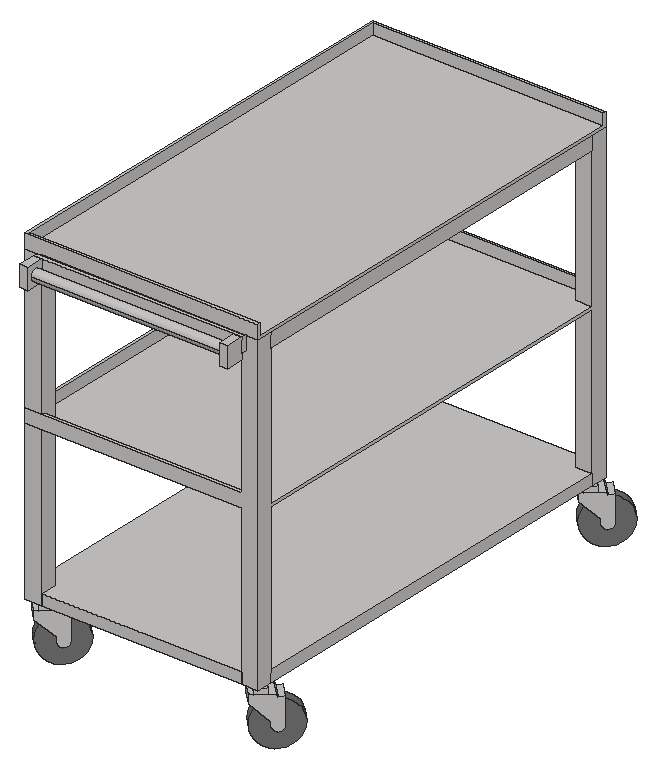
Revit family "QF_Vollrath_97140", category Specialty Equipment, Revit 2016
Family settings
  Part Type = Normal
  Round Connector Dimension = Use Diameter
  OmniClass Number = 23.40.40.14.17
  OmniClass Title = Food Cooking Equipment
  Work Plane-Based = No
  Always vertical = Yes
  Cut with Voids When Loaded = No
  Shared = No
  Room Calculation Point = No
Parameters (values of type "97140")
  Width [instance] = 21.06"
  Weight in Pounds = 83.62
  Watermarked By = "http://revitwatermark.com"
  URL Cutsheet = ""
  URL = ""
  Status [instance] = ""
  Specification by User [instance] = ""
  Specification by Manufacturer [instance] = ""
  Serial Number [instance] = ""
  Seismic Rating [instance] = ""
  Revision Code [instance] = ""
  NAFEM Spec ID Number [instance] = ""
  Model = "97140"
  Masterspec = ""
  Manufacturer = "Vollrath"
  Item Number [instance] = "-"
  Installed By [instance] = ""
  Identify Quantity as Lot [instance] = no
  Furnished By [instance] = ""
  Foodservice Equipment Identifier [instance] = yes
  Description = "Cart, Utility"
  Depth [instance] = 39.25"
  CSI MasterFormat = "11 48 13"
  Assembly Code = "E1090320"
Reference planes (in)
  plane 1 "BACK": y = -4.62
  plane 2: z = 0
  plane 3 "LEFT": x = 0
  plane 4 "RIGHT": x = 21.06
  plane 5 "--": y = -43.87
  plane 6: z = 5.15
  plane 7: z = 6.15
  plane 8: x = 1.5
  plane 9: y = -6.12
  plane 10: x = 19.56
  plane 11: y = -42.37
  plane 12: y = -24.245
  plane 13 "TOP": z = 34.77
  plane 14: x = 0.75
  plane 15 "FRONT": y = -45.84
  plane 16: z = 19.39
  plane 17: z = 20.64
  plane 18: x = 10.53
Forms (in)
  Extrusion 1, solid, material "QF_Finishes_Stainless Steel"
    sketch origin (0, 0, 17.9) x (-1, 0, 0) y (0, -1, 0)
      loop
        line (-1.5, 4.62) -> (-1.5, 6.12) -> (0, 6.12) -> (0, 42.37) -> (-1.5, 42.37) -> (-1.5, 43.87) -> (-19.56, 43.87) -> (-19.56, 42.37) -> (-21.06, 42.37) -> (-21.06, 6.12) -> (-19.56, 6.12) -> (-19.56, 4.62) -> (-1.5, 4.62)
    from -12.75 to -11.75
  Extrusion 2, solid, material "QF_Finishes_Stainless Steel"
    sketch origin (0, 0, 28.51) x (-1, 0, 0) y (0, -1, 0)
      loop
        line (-1.5, 43.87) -> (-19.56, 43.87) -> (-19.56, 42.37) -> (-21.06, 42.37) -> (-21.06, 6.12) -> (-19.56, 6.12) -> (-19.56, 4.62) -> (-1.5, 4.62) -> (-1.5, 6.12) -> (0, 6.12) -> (0, 42.37) -> (-1.5, 42.37) -> (-1.5, 43.87)
    from 3.76 to 5.01
  Sweep 3, solid, material "QF_Finishes_Stainless Steel"
    path origin (0, 0, 0) x (1, 0, 0) y (0, 1, 0)
      loop
        line (21.06, -43.87) -> (0, -43.87) -> (0, -4.62) -> (21.06, -4.62)
    profile origin (10.53, -4.62, 0) x (0, 1, 0) y (0, 0, 1)
      loop
        line (-2, 33.52) -> (0, 33.52) -> (0, 34.77) -> (-0.25, 34.77) -> (-0.25, 33.77) -> (-2, 33.77) -> (-2, 33.52)
  Extrusion 4, solid, material "QF_Finishes_Stainless Steel"
    sketch origin (0, 0, 18.89) x (-1, 0, 0) y (0, -1, 0)
      loop
        line (-1.5, 6.12) -> (-1.5, 42.37) -> (-21.06, 42.37) -> (-21.06, 6.12) -> (-1.5, 6.12)
    from 14.63 to 14.88
  Extrusion 5, solid, material "QF_Finishes_Stainless Steel"
    sketch origin (14, 0, 16.75) x (-1, 0, 0) y (0, -1, 0)
      loop
        line (-5.56, 4.62) -> (-5.56, 6.12) -> (-7.06, 6.12) -> (-7.06, 4.62) -> (-5.56, 4.62)
    from -11.6 to 16.77
  Extrusion 6, solid, material "QF_Finishes_Stainless Steel"
    sketch origin (0, -26.05109, 16.75) x (-1, 0, 0) y (0, -1, 0)
      loop
        line (0, 16.31) -> (0, 17.81) -> (-1.5, 17.81) -> (-1.5, 16.31) -> (0, 16.31)
    from -11.6 to 16.77
  Extrusion 7, solid, material "QF_Finishes_Stainless Steel"
    sketch origin (14, -26.06, 16.5) x (-1, 0, 0) y (0, -1, 0)
      loop
        line (-5.56, 16.31) -> (-5.56, 17.81) -> (-7.06, 17.81) -> (-7.06, 16.31) -> (-5.56, 16.31)
    from -11.35 to 17.02
  Sweep 8, solid, material "QF_Finishes_Stainless Steel"
    path origin (0, 0, -11.99) x (1, 0, 0) y (0, 1, 0)
      loop
        line (21.06, -43.87) -> (0, -43.87) -> (0, -4.62) -> (21.06, -4.62)
    profile origin (10.53, -4.62, -11.99) x (0, 1, 0) y (0, 0, 1)
      loop
        line (-2, 31.38) -> (0, 31.38) -> (0, 32.63) -> (-0.25, 32.63) -> (-0.25, 31.63) -> (-2, 31.63) -> (-2, 31.38)
  Extrusion 9, solid, material "QF_Finishes_Stainless Steel"
    sketch origin (0, 0, 17.89) x (-1, 0, 0) y (0, -1, 0)
      loop
        line (-0.25, 4.87) -> (-0.25, 43.62) -> (-21.06, 43.62) -> (-21.06, 4.87) -> (-0.25, 4.87)
    from 1.75 to 1.5
  Extrusion 10, solid, material "QF_Finishes_Stainless Steel"
    sketch origin (0, 0, 16.75) x (-1, 0, 0) y (0, -1, 0)
      loop
        line (0, 4.62) -> (0, 6.12) -> (-1.5, 6.12) -> (-1.5, 4.62) -> (0, 4.62)
    from -11.6 to 16.77
  Extrusion 11, solid, material "QF_Finishes_Stainless Steel"
    sketch origin (1.125, -3.38, 1.12) x (0, 1, 0) y (0, 0, 1)
      loop
        line (-40.49, 32.4) -> (-40.86962, 32.4) -> (-40.86962, 31.15) -> (-40.49, 31.15) -> (-40.49, 32.4)
    from 0 to 18.81
  Extrusion 12, solid, material "QF_Finishes_Stainless Steel"
    sketch origin (1.125, -3.38, 1.12) x (0, 1, 0) y (0, 0, 1)
      loop
        line (-40.86962, 32.4) -> (-42.46, 32.4) -> (-42.46, 30.53992) -> (-40.86962, 30.53992) -> (-40.86962, 32.4)
    from 0 to 0.75
  Extrusion 13, solid, material "QF_Finishes_Stainless Steel"
    sketch origin (19.935, -3.38, 1.12) x (0, 1, 0) y (0, 0, -1)
      loop
        line (-40.86962, -32.4) -> (-40.86962, -30.53992) -> (-42.46, -30.53992) -> (-42.46, -32.4) -> (-40.86962, -32.4)
    from 0 to 0.75
  Extrusion 14, solid, material "QF_Finishes_Stainless Steel"
    sketch origin (1.125, -3.38, 1.12) x (0, 1, 0) y (0, 0, 1)
      loop
        circle (-41.69708, 31.53019) r 0.5
    from 0.75 to 18.06
Cuts and joins
  joined: Sweep 3, Extrusion 4
  joined: Extrusion 5, Extrusion 6, Extrusion 7, Sweep 8, Extrusion 9, Extrusion 10
Lines and regions (in)
  symbolic lines
    curve 1: line (0, -4.62, 16.75) -> (0, -43.86109, 16.75)
    curve 2: line (21.06, -4.62, 16.75) -> (0, -4.62, 16.75)
    curve 3: line (0, -43.86109, 16.75) -> (1.5, -43.86109, 16.75)
    curve 4: line (19.935, -43.87, 16.75) -> (1.125, -43.87, 16.75)
    curve 5: line (19.56, -43.86109, 16.75) -> (21.06, -43.86109, 16.75)
    curve 6: line (21.06, -43.86109, 16.75) -> (21.06, -4.62, 16.75)
    curve 7: line (19.935, -45.84, 16.75) -> (19.935, -44.24962, 16.75)
    curve 8: line (19.935, -44.24962, 16.75) -> (19.935, -43.87, 16.75)
    curve 9: line (19.185, -44.24962, 16.75) -> (19.185, -45.84, 16.75)
    curve 10: line (19.185, -45.84, 16.75) -> (19.935, -45.84, 16.75)
    curve 11: line (1.125, -44.24962, 16.75) -> (19.935, -44.24962, 16.75)
    curve 12: line (1.875, -45.84, 16.75) -> (1.875, -44.24962, 16.75)
    curve 13: line (1.125, -44.24962, 16.75) -> (1.125, -45.84, 16.75)
    curve 14: line (1.125, -43.87, 16.75) -> (1.125, -44.24962, 16.75)
    curve 15: line (1.125, -45.84, 16.75) -> (1.875, -45.84, 16.75)
    curve 16: line (19.185, -45.59, 16.75) -> (1.875, -45.59, 16.75)
    curve 17: line (21.06, -4.87, 16.75) -> (0.25, -4.87, 16.75)
    curve 18: line (0.25, -4.87, 16.75) -> (0.25, -43.62, 16.75)
    curve 19: line (0.25, -43.62, 16.75) -> (21.06, -43.62, 16.75)
    curve 20: line (1.875, -44.49962, 16.75) -> (19.185, -44.49962, 16.75)
Dimensions and locks (in)
  "Width": plane 3 "LEFT" to plane 4 "RIGHT"
  plane 9 to plane 1 "BACK" = 1.50"
  locked: plane 5 "--" to plane 11 at 1.5
  plane 3 "LEFT" to plane 8 = 1.50"
  locked: plane 10 to plane 4 "RIGHT" at 1.5
  plane 13 "TOP" to level = 34.77"
  equal spacing: plane 1 "BACK", plane 12, plane 5 "--"
  locked: plane 7 to plane 6 at 1
  locked: plane 17 to plane 16 at 1.25
  plane 16 to plane 7 = 13.24"
  equal spacing: plane 4 "RIGHT", plane 18, plane 3 "LEFT"
  plane 15 "FRONT" to plane 12 = 21.595"
  plane 15 "FRONT" to plane 1 "BACK" = 41.22"
  plane 5 "--" to plane 1 "BACK" = 39.25"
  plane 16 to level = 19.39"
  aligned and locked: level to plane 2
  aligned and locked: plane 7 to Extrusion 1
  aligned and locked: Extrusion 1 to plane 6
  aligned and locked: plane 1 "BACK" to Sweep 3 sketch curve
  aligned and locked: plane 3 "LEFT" to Sweep 3 sketch curve
  aligned and locked: Sweep 3 sketch curve to plane 5 "--"
  aligned: Extrusion 10 sketch curve to cut or joined group of Sweep 3, Extrusion 4
  aligned: cut or joined group of Sweep 3, Extrusion 4 to Extrusion 10 sketch curve
  aligned and locked: Extrusion 10 sketch curve to Extrusion 1
  aligned and locked: Extrusion 1 to Extrusion 10 sketch curve
Automatic sketch dimensions
  Extrusion 1 sketch curve to plane 4 "RIGHT" = 0.00"
  Extrusion 1 sketch curve to plane 10 = 0.00"  (x2)
  plane 1 "BACK" to Extrusion 1 sketch curve = 0.00"
  Extrusion 1 sketch curve to plane 8 = 0.00"  (x2)
  plane 5 "--" to Extrusion 1 sketch curve = 0.00"
  Extrusion 1 sketch curve to plane 3 "LEFT" = 0.00"
  plane 9 to Extrusion 1 sketch curve = 0.00"  (x2)
  plane 11 to Extrusion 1 sketch curve = 0.00"  (x2)
  Extrusion 2 sketch curve to plane 4 "RIGHT" = 0.00"
  Extrusion 2 sketch curve to plane 10 = 0.00"  (x2)
  plane 9 to Extrusion 2 sketch curve = 0.00"  (x2)
  plane 1 "BACK" to Extrusion 2 sketch curve = 0.00"
  Extrusion 2 sketch curve to plane 8 = 0.00"  (x2)
  Extrusion 2 sketch curve to plane 3 "LEFT" = 0.00"
  plane 11 to Extrusion 2 sketch curve = 0.00"  (x2)
  plane 5 "--" to Extrusion 2 sketch curve = 0.00"
  Sweep 3 sketch curve to profile plane = 0.00"
  profile plane to Sweep 3 sketch curve = 0.25"
  Sweep 3 sketch curve to Sweep 3 sketch curve = 1.75"
  level to Sweep 3 sketch curve = 33.52"
  Sweep 3 sketch curve to Sweep 3 sketch curve = 0.25"
  Sweep 3 sketch curve to Sweep 3 sketch curve = 1.00"
  Extrusion 4 sketch curve to plane 4 "RIGHT" = 0.00"
  Extrusion 4 sketch curve to plane 8 = 0.00"
  plane 9 to Extrusion 4 sketch curve = 0.00"
  plane 11 to Extrusion 4 sketch curve = 0.00"
  plane 1 "BACK" to Extrusion 5 sketch curve = 0.00"
  Extrusion 5 sketch curve to plane 4 "RIGHT" = 0.00"
  plane 9 to Extrusion 5 sketch curve = 0.00"
  Extrusion 5 sketch curve to plane 10 = 0.00"
  Extrusion 6 sketch curve to plane 8 = 0.00"
  Extrusion 6 sketch curve to plane 3 "LEFT" = 0.00"
  Extrusion 6 sketch curve to plane 11 = 0.00891"
  Extrusion 6 sketch curve to plane 5 "--" = 0.00891"
  Extrusion 7 sketch curve to plane 4 "RIGHT" = 0.00"
  Extrusion 7 sketch curve to plane 10 = 0.00"
  Extrusion 7 sketch curve to plane 11 = 0.00"
  Extrusion 7 sketch curve to plane 5 "--" = 0.00"
  Sweep 8 sketch curve to plane 3 "LEFT" = 0.00"
  Sweep 8 sketch curve to plane 4 "RIGHT" = 0.00"  (x2)
  plane 1 "BACK" to Sweep 8 sketch curve = 0.00"
  plane 5 "--" to Sweep 8 sketch curve = 0.00"
  Sweep 8 sketch curve to profile plane = 0.00"
  profile plane to Sweep 8 sketch curve = 0.25"
  Sweep 8 sketch curve to Sweep 8 sketch curve = 1.75"
  profile plane to Sweep 8 sketch curve = 31.38"
  Sweep 8 sketch curve to Sweep 8 sketch curve = 0.25"
  Sweep 8 sketch curve to Sweep 8 sketch curve = 1.00"
  Extrusion 9 sketch curve to plane 4 "RIGHT" = 0.00"
  plane 3 "LEFT" to Extrusion 9 sketch curve = 0.25"
  plane 1 "BACK" to Extrusion 9 sketch curve = 0.25"
  Extrusion 9 sketch curve to plane 5 "--" = 0.25"
  Sweep 3 sketch curve to plane 4 "RIGHT" = 0.00"  (x2)
  plane 1 "BACK" to Extrusion 10 sketch curve = 0.00"
  plane 3 "LEFT" to Extrusion 10 sketch curve = 0.00"
  Extrusion 11 sketch curve to plane 5 "--" = 0.00"
  plane 5 "--" to Extrusion 11 sketch curve = 0.37962"
  Extrusion 11 sketch curve to plane 13 "TOP" = 2.50"
  Extrusion 11 sketch curve to Extrusion 11 sketch curve = 1.25"
  Extrusion 12 sketch curve to plane 15 "FRONT" = 0.00"
  plane 5 "--" to Extrusion 12 sketch curve = 0.37962"
  Extrusion 12 sketch curve to plane 13 "TOP" = 3.11008"
  Extrusion 12 sketch curve to plane 13 "TOP" = 1.25"
  Extrusion 13 sketch curve to plane 15 "FRONT" = 0.00"
  plane 5 "--" to Extrusion 13 sketch curve = 0.37962"
  Extrusion 13 sketch curve to plane 13 "TOP" = 1.25"
  Extrusion 13 sketch curve to Extrusion 13 sketch curve = 1.86008"
  plane 15 "FRONT" to Extrusion 14 sketch curve = 0.76292"
  Extrusion 14 sketch curve to plane 13 "TOP" = 2.11981"
  plane 1 "BACK" to curve 6 = 0.00"
  plane 4 "RIGHT" to curve 6 = 0.00"
  curve 10 to plane 15 "FRONT" = 0.00"
  plane 5 "--" to curve 4 = 0.00"
  plane 10 to curve 5 = 0.00"
  curve 15 to plane 15 "FRONT" = 0.00"
  curve 3 to plane 8 = 0.00"
  curve 2 to plane 3 "LEFT" = 0.00"
  plane 10 to curve 10 = 0.375"
  curve 20 to plane 10 = 0.375"
  plane 8 to curve 16 = 0.375"
  curve 14 to plane 8 = 0.375"
  plane 3 "LEFT" to curve 17 = 0.25"
  curve 2 to curve 17 = 0.25"
  curve 19 to plane 5 "--" = 0.25"
  curve 3 to plane 5 "--" = 0.00891"
  curve 5 to plane 5 "--" = 0.00891"
  plane 5 "--" to curve 11 = 0.37962"
  curve 9 to curve 20 = 0.25"
  plane 15 "FRONT" to curve 16 = 0.25"
  radius of Extrusion 14 sketch curve = 0.50"
Nested families (in)
  nested 1: "FESCaster" at (1.25, -5.60981, 0), type "FESCaster"
    with Height 5.15", Caster Radius 2.075"
  nested 2: "FESCaster" at (20.37136, -5.60981, 0), type "FESCaster"
    with Height 5.15", Caster Radius 2.075"
  nested 3: "FESCaster" at (20.37136, -42.86977, 0), type "FESCaster"
    with Height 5.15", Caster Radius 2.075"
  nested 4: "FESCaster" at (1, -42.86977, 0), type "FESCaster"
    with Height 5.15", Caster Radius 2.075"
Definition of nested family "FESCaster"
  Parameters
    Watermarked By = "http://revitwatermark.com"
    Type Comments = "⍁⍉⌁⌀⏭⎽⌇⍠⌜⍉⎖⌥⌦⌯⍭⏊⍻⍿⍊⏵⍊⏗⏠⍴⎡⌈⎀⍠⌓⌤⏘⎐⍀⌐⏬⏁⎈⏍⏦⎒⏬⌝⍩⍇⌣〈⎫〉⎁⏊⍥⍖⍥⍝⍦⌖⍀⏌⏭⎝⎼⏷⏞⍻⏯⎽⏷⏞⍻⏯⎽⏷⎺⌻⎝⍎⌧⏷⏟⏿⌿⍜⍦⍤⌁⍬⏶⏎⍊⏚⏉⎞⌡⎀⎪⏈⌟⌿⍾⍼⌟⌿⌢⌞⏞⏝⌻⎸⎻⎷⎳⎻⎛⌞⌼⏚⍿⏸⍨⏷⍡⍺⏼⏅⎏⌽⌻⍽⎝⍮⎧⍏⏳⏲⎼⏈⏋⏙⎏⏽⏘⍹⏞⌜⏼⍴⏶⏮⏿⌁"
    Height [instance] = 6.00"
    Caster Radius [instance] = if(Height < 3.00", 1.00", (Height / 2) - 0.50")  # 2.50"
    Assembly Code = ""
  Reference planes (in)
    plane 1 "Center (Front/Back)": y = 0
    plane 2: z = 0
    plane 3 "Center (Left/Right)": x = 0
    plane 4: z = 6
    plane 5: z = 5.5
  Forms (in)
    Extrusion 1, solid
      sketch origin (-24.12131, -22.88887, 10.18833) x (0.707107, 0.707107, 0) y (0, 0, 1)
        loop
          line (34.98772, -7.68833) -> (34.98772, -4.93833) -> (34.48772, -4.93833) -> (34.39402, -4.68833) -> (32.39402, -4.68833) -> (32.39402, -5.43833) -> (33.98772, -7.34206) -> (33.98772, -7.68833)
          arc (33.98772, -7.68833) -> (34.48772, -8.18833) -> (34.98772, -7.68833) r 0.5
      from 0 to 1.75
    Extrusion 2, solid
      sketch origin (-24.32327, -23.09083, 13.31461) x (0.707107, 0.707107, 0) y (0, 0, 1)
        loop
          circle (34.77334, -10.81461) r 2.5
      from 0.375 to 1.375
    Extrusion 3, solid
      sketch origin (-7.24148, -8.48391, 0) x (0.707107, 0.707107, 0) y (0, 0, 1)
        loop
          line (10.61603, 5.5) -> (11.61603, 5.5) -> (11.61603, 6) -> (10.61603, 6) -> (10.61603, 5.5)
      from 0 to -1.75
  Lines and regions (in)
    symbolic lines
      curve 1: line (-1.26158, -0.51911, 0) -> (1.39007, 2.13254, 0)
      curve 2: line (-0.53429, -1.24639, 0) -> (2.11736, 1.40526, 0)
      curve 3: line (-1.26158, -0.51911, 0) -> (1.39007, 2.13254, 0)
      curve 4: line (-0.53429, -1.24639, 0) -> (2.11736, 1.40526, 0)
  Dimensions and locks (in)
    locked: plane 4 to plane 5 at 0.5
    "Height": plane 4 to level
    "Caster Radius": Extrusion 2 sketch curve to level
    "Caster Radius": Extrusion 1 sketch curve to level
    "Caster Radius": radius of Extrusion 2 sketch curve
    aligned and locked: plane 2 to level
    aligned and locked: Extrusion 3 to plane 5
    aligned and locked: plane 4 to Extrusion 3
    aligned and locked: plane 5 to Extrusion 1
  Automatic sketch dimensions
    plane 1 "Center (Front/Back)" to curve 3 = 0.51911"
    curve 3 to plane 3 "Center (Left/Right)" = 1.26158"
    plane 1 "Center (Front/Back)" to curve 1 = 0.51911"
    curve 1 to curve 3 = 0.00"  (x3)
    curve 4 to plane 3 "Center (Left/Right)" = 0.53429"
    curve 2 to curve 4 = 0.00"  (x2)
    plane 3 "Center (Left/Right)" to curve 3 = 1.39007"
    curve 1 to curve 4 = 0.72729"
    curve 2 to curve 1 = 0.72729"
    curve 4 to curve 2 = 0.00"  (x2)
    curve 2 to plane 1 "Center (Front/Back)" = 1.40526"
    curve 2 to curve 3 = 0.72729"
    plane 5 to Extrusion 1 sketch curve = 0.00"
    Extrusion 1 sketch curve to Extrusion 1 sketch curve = 1.5937"
    Extrusion 1 sketch curve to Extrusion 1 sketch curve = 2.00"
    Extrusion 1 sketch curve to Extrusion 1 sketch curve = 0.0937"
    Extrusion 1 sketch curve to Extrusion 1 sketch curve = 0.50"
    Extrusion 1 sketch curve to Extrusion 1 sketch curve = 0.34627"
    Extrusion 1 sketch curve to plane 5 = 0.75"
    Extrusion 1 sketch curve to plane 5 = 0.25"
    Extrusion 3 sketch curve to plane 5 = 0.00"
    plane 4 to Extrusion 3 sketch curve = 0.00"
    Extrusion 3 sketch curve to Extrusion 3 sketch curve = 1.00"
